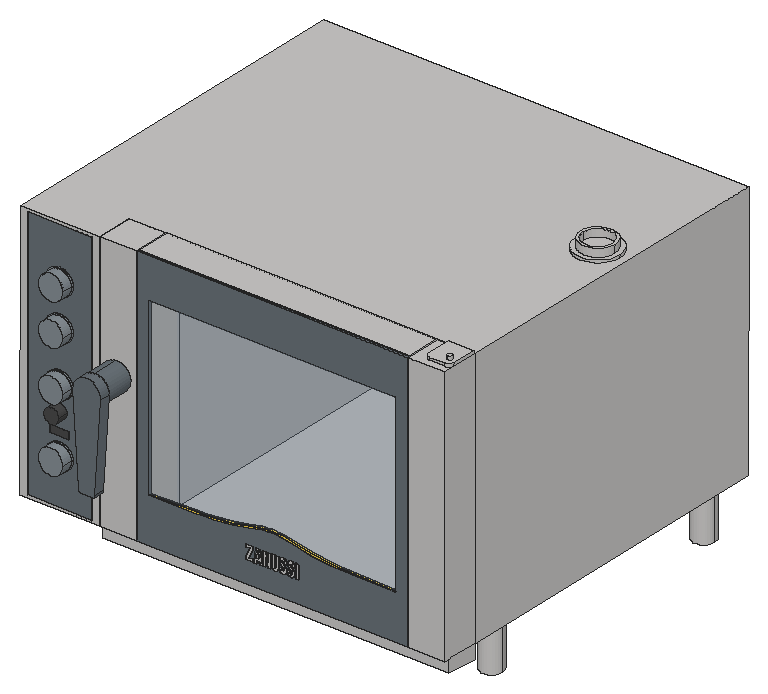
Revit family "QF_ZANUSSI_240452_ZFCE61CSCS", category Specialty Equipment, Revit 2023
Family settings
  Round Connector Dimension = Use Diameter
  Part Type = Normal
  Work Plane-Based = No
  Enable Cutting in Views = No
  Always vertical = Yes
  Cut with Voids When Loaded = No
  Maintain Annotation Orientation = No
  Shared = No
  Room Calculation Point = No
Parameters (values of type "Standard")
  Weight = 79.50 kg
  Watts = 0 W
  Volts = 230 V
  URL Manufacturer = "http://www.zanussiprofessional.com"
  URL = "http://www.zanussiprofessional.com"
  Steam Supply Size = 0 mm
  Steam Supply Minimum Pressure = 0.0 Pa
  Steam Supply Maximum Pressure = 0.0 Pa
  Steam Consumption per Hour = 0
  Show Logo [instance] = yes
  Show Clearance [instance] = yes
  Refrigeration Suction Line Size = 0 mm
  Refrigeration Liquid Line Size = 0 mm
  Refrigerant Compressor Remote = yes
  Default Elevation = 0 mm
  Manufacturer = "Zanussi"
  Phase = 3
  Model = "ZFCE61CSCS"
  Length Actual = 860 mm
  Item Number = "240452"
  Hot Water Size = 0 mm
  Height Actual = 633 mm
  HP = "10.3 HP"
  Gas Size = 12.7 mm
  Gas KW = 0
  Gas Input Pressure = 0.0585289 W
  Direct Waste Size = 25 mm
  Description = "CONVECTION OVEN CW 6 GN 1/1 - ELECTRIC - 230V"
  Depth Actual = 767 mm
  Cycle = 50 Hz
  Condensate Return Size = 0 mm
  Compressed Air Volume = 0.0 L/s
  Compressed Air Size = 0 mm
  Compressed Air Pressure = 0.0 Pa
  Cold Water Size = 19.05 mm
  Accessory = no
Reference planes
  plane 1 "Center X": y = 96.351
  plane 2: z = 0
  plane 3 "Center Y": x = -330
  plane 4 "LEFT": x = -760
  plane 5 "BACK": y = 479.851
  plane 6 "RIGHT": x = 100
  plane 7 "FRONT": y = -287.149
  plane 8: x = -710
  plane 9 "FeetBack": y = 429.851
  plane 10 "DoorDepth": y = -212.149
  plane 11: x = 80
  plane 12 "BASE": z = 108
  plane 13 "TOP": z = 633
  plane 14: z = 0
  plane 15 "1": y = 173.851
  plane 16 "FeetFront": y = -107.149
  plane 17: z = 653.369
  plane 18: y = -362.149
  plane 19 "Drain_X": x = -323
  plane 20 "Drain_Y": y = 61.851
  plane 21 "EI_x": x = -663
  plane 22 "EI_y": y = 13.851
  plane 23 "CWI_y": y = 304.851
  plane 24 "CWI_x": x = -689
  plane 25: y = -935.149
  plane 26: x = 40
Forms (mm)
  Extrusion 1, solid, material "QF_Finishes_Stainless Steel"
    sketch origin (0, 2, 108) x (-1, 0, 0) y (0, -1, 0)
      loop
        circle (689, -302.851) r 13.25
    from -5 to 0
  Extrusion 2, solid, material "QF_Finishes_Stainless Steel"
    sketch origin (0, 57.5, 108) x (-1, 0, 0) y (0, -1, 0)
      loop
        circle (663, 43.649) r 13.25
    from -5 to 0
  Extrusion 3, solid, material "QF_Finishes_Stainless Steel"
    sketch origin (89, -125, 108) x (-1, 0, 0) y (0, -1, 0)
      loop
        circle (412, -186.851) r 13.25
    from -5 to 0
  Extrusion 4, solid, material "QF_Finishes_Black"
    sketch origin (0, -287.149, 127) x (-1, 0, 0) y (0, 0, 1)
      loop
        circle (680.941, 161.023) r 15
    from 0 to -20
  Extrusion 5, solid, material "QF_Finishes_Stainless Steel"
    sketch origin (15, -153.5, 108) x (-1, 0, 0) y (0, -1, 0)
      loop
        circle (694, -119.351) r 13.25
    from -5 to 0
  Extrusion 6, solid, material "QF_Finishes_Zanussi_Soft Gray"
    sketch origin (0, -287.149, -6) x (-1, 0, 0) y (0, 0, 1)
      loop
        circle (680, 528.824) r 26.676
    from 0 to -3
  Blend 7, solid, material "QF_Finishes_Zanussi_Soft Gray"
    base sketch origin (0, -287.149, -6) x (-1, 0, 0) y (0, 0, 1)
      loop
        circle (680, 528.824) r 25
    top sketch origin (0, -287.149, -6) x (-1, 0, 0) y (0, 0, 1)
      loop
        circle (680, 528.824) r 24.8
    from -3 to -23
  Extrusion 8, solid, material "QF_Finishes_Zanussi_Soft Gray"
    sketch origin (0, -287.149, -5) x (-1, 0, 0) y (0, 0, 1)
      loop
        circle (680, 443.824) r 26.676
    from 0 to -3
  Blend 9, solid, material "QF_Finishes_Zanussi_Soft Gray"
    base sketch origin (0, -287.149, -5) x (-1, 0, 0) y (0, 0, 1)
      loop
        circle (680, 443.824) r 25
    top sketch origin (0, -287.149, -5) x (-1, 0, 0) y (0, 0, 1)
      loop
        circle (680, 443.824) r 24.8
    from -3 to -23
  Extrusion 10, solid, material "QF_Finishes_Zanussi_Soft Gray"
    sketch origin (0, -287.149, -22) x (-1, 0, 0) y (0, 0, 1)
      loop
        circle (680, 358.824) r 26.676
    from 0 to -3
  Blend 11, solid, material "QF_Finishes_Zanussi_Soft Gray"
    base sketch origin (0, -287.149, -22) x (-1, 0, 0) y (0, 0, 1)
      loop
        circle (680, 358.824) r 25
    top sketch origin (0, -287.149, -22) x (-1, 0, 0) y (0, 0, 1)
      loop
        circle (680, 358.824) r 24.8
    from -3 to -23
  Extrusion 12, solid, material "QF_Finishes_Stainless Steel"
    sketch origin (0, 0, 108) x (-1, 0, 0) y (0, -1, 0)
      loop
        line (760, -479.851) -> (760, 287.149) -> (600, 287.149) -> (600, 212.149) -> (-100, 212.149) -> (-100, -479.851) -> (760, -479.851)
    from 525 to 0
  Extrusion 13, solid, material "QF_Finishes_Zanussi_Dark Gray"
    sketch origin (0, -287.149, 0) x (-1, 0, 0) y (0, 0, 1)
      loop
        line (745, 628) -> (615, 628) -> (615, 113) -> (745, 113) -> (745, 628)
      loop
        line (660.941, 258.023) -> (660.941, 243.023) -> (700.941, 243.023) -> (700.941, 258.023) -> (660.941, 258.023)
    from 0 to 5
  Extrusion 14, void
    sketch origin (0, -287.149, 0) x (-1, 0, 0) y (0, 0, 1)
      loop
        line (745, 628) -> (615, 628) -> (615, 113) -> (745, 113) -> (745, 628)
    from 0 to 5
  Extrusion 15, void
    sketch origin (0, -287.149, 0) x (-1, 0, 0) y (0, 0, 1)
      loop
        line (-71.369, 123) -> (525, 123) -> (525, 613) -> (-71.369, 613) -> (-71.369, 123)
    from 737 to 75
  Extrusion 16, solid, material "QF_Finishes_Black"
    sketch origin (0, -287.149, 0) x (-1, 0, 0) y (0, 0, 1)
      loop
        line (700.941, 258.023) -> (660.941, 258.023) -> (660.941, 243.023) -> (700.941, 243.023) -> (700.941, 258.023)
    from 5 to 0
  Extrusion 17, solid, material "QF_Clearances", detail levels coarse
    sketch origin (0, 0, 0) x (1, 0, 0) y (0, 1, 0)
      loop
        line (-810, -287.149) -> (-760, -287.149) -> (-760, 479.851) -> (100, 479.851) -> (100, -287.149) -> (150, -287.149) -> (150, 529.851) -> (-810, 529.851) -> (-810, -287.149)
    from 633 to 0
  Extrusion 18, solid, material "QF_Finishes_Stainless Steel"
    sketch origin (0, 0, 633) x (-1, 0, 0) y (0, -1, 0)
      loop
        circle (-40, -173.851) r 45
    from 5 to 0
  Extrusion 19, solid, material "QF_Finishes_Stainless Steel"
    sketch origin (0, 0, 633) x (-1, 0, 0) y (0, -1, 0)
      loop
        circle (-40, -173.851) r 35
      loop
        circle (-40, -173.851) r 30
    from 5 to 20.369
  Extrusion 20, solid, material "QF_Finishes_Zanussi_Soft Gray"
    sketch origin (0, -287.149, -152) x (-1, 0, 0) y (0, 0, 1)
      loop
        circle (680, 358.824) r 26.676
    from 0 to -3
  Blend 21, solid, material "QF_Finishes_Zanussi_Soft Gray"
    base sketch origin (0, -287.149, -152) x (-1, 0, 0) y (0, 0, 1)
      loop
        circle (680, 358.824) r 25
    top sketch origin (0, -287.149, -152) x (-1, 0, 0) y (0, 0, 1)
      loop
        circle (680, 358.824) r 24.8
    from -3 to -23
Cuts and joins
  Extrusion 14, Extrusion 15 cuts Extrusion 12
Lines and regions (mm)
  symbolic lines
    curve 1: line (-760, -287.149, 1620) -> (-760, 479.851, 1620)
    curve 2: line (-760, 479.851, 1620) -> (100, 479.851, 1620)
    curve 3: line (-600, -212.149, 1620) -> (100, -212.149, 1620)
    curve 4: line (-600, -212.149, 1620) -> (-600, -287.149, 1620)
    curve 5: line (-760, -287.149, 1620) -> (-600, -287.149, 1620)
    curve 6: line (-706.676, -290.149, 1620) -> (-653.324, -290.149, 1620)
    curve 7: line (-706.676, -290.149, 1620) -> (-706.676, -287.149, 1620)
    curve 8: line (-653.324, -290.149, 1620) -> (-653.324, -287.149, 1620)
    curve 9: line (100, 479.851, 1620) -> (100, -287.149, 1620)
    curve 10: line (-704.8, -310.149, 684) -> (-655.2, -310.149, 684)
    curve 11: line (-704.8, -310.149, 684) -> (-705, -290.149, 684)
    curve 12: line (-655.2, -310.149, 684) -> (-655, -290.149, 684)
    curve 18: circle (40, 173.851, 633) r 45 normal (0, 0, 1)
    curve 19: circle (40, 173.851, 633) r 35 normal (0, 0, 1)
    curve 20: circle (40, 173.851, 633) r 30 normal (0, 0, -1)
  symbolic lines, style "QF_Clearances", detail levels coarse
    curve 13: line (-810, -287.149, 0) -> (-810, 529.851, 0)
    curve 14: line (-810, 529.851, 0) -> (150, 529.851, 0)
    curve 15: line (150, 529.851, 0) -> (150, -287.149, 0)
    curve 16: line (150, -287.149, 0) -> (100, -287.149, 0)
    curve 17: line (-810, -287.149, 0) -> (-753.438, -287.149, 0)
Dimensions and locks
  equal spacing: plane 4 "LEFT", plane 3 "Center Y", plane 6 "RIGHT"
  "Length Actual": plane 4 "LEFT" to plane 6 "RIGHT"
  "Depth Actual": plane 5 "BACK" to plane 7 "FRONT"
  equal spacing: plane 5 "BACK", plane 1 "Center X", plane 7 "FRONT"
  plane 12 "BASE" to plane 14 = 108 mm
  plane 13 "TOP" to plane 12 "BASE" = 525 mm
  plane 13 "TOP" to plane 14 = 633 mm
  plane 5 "BACK" to plane 9 "FeetBack" = 50 mm
  plane 9 "FeetBack" to plane 16 "FeetFront" = 537 mm
  locked: plane 16 "FeetFront" to plane 7 "FRONT" at 180
  plane 17 to plane 13 "TOP" to plane 12 "BASE" to level = 20.369 mm, 525 mm, 108 mm
  plane 17 to level = 653.369 mm  (x2)
  plane 7 "FRONT" to plane 18 = 75 mm
  plane 5 "BACK" to plane 20 "Drain_Y" = 418 mm
  plane 4 "LEFT" to plane 19 "Drain_X" = 437 mm
  plane 4 "LEFT" to plane 21 "EI_x" = 97 mm
  plane 5 "BACK" to plane 22 "EI_y" = 466 mm
  plane 5 "BACK" to plane 23 "CWI_y" = 175 mm
  plane 4 "LEFT" to plane 24 "CWI_x" = 71 mm
  plane 5 "BACK" to plane 15 "1" = 306 mm
  plane 5 "BACK" to plane 25 = 1415 mm
  locked: plane 10 "DoorDepth" to plane 7 "FRONT" at 75
  plane 26 to plane 6 "RIGHT" = 60 mm
  aligned and locked: level to plane 2
  aligned and locked: plane 12 "BASE" to nested 1
  aligned and locked: plane 12 "BASE" to nested 2
  aligned and locked: plane 12 "BASE" to nested 4
  aligned and locked: plane 12 "BASE" to nested 3
  aligned and locked: plane 23 "CWI_y" to Extrusion 1
Automatic sketch dimensions
  curve 17 to plane 7 "FRONT" = 0 mm
  curve 16 to plane 6 "RIGHT" = 0 mm
  curve 16 to plane 7 "FRONT" = 0 mm
  curve 13 to plane 4 "LEFT" = 50 mm
  plane 6 "RIGHT" to curve 16 = 50 mm
  plane 5 "BACK" to curve 14 = 50 mm
  plane 4 "LEFT" to curve 17 = 6.562 mm
  curve 9 to plane 5 "BACK" = 0 mm
  curve 9 to plane 6 "RIGHT" = 0 mm
  curve 3 to plane 10 "DoorDepth" = 0 mm
  curve 5 to plane 7 "FRONT" = 0 mm
  curve 5 to plane 4 "LEFT" = 0 mm
  curve 9 to plane 7 "FRONT" = 0 mm
  plane 21 "EI_x" to curve 3 = 63 mm
  curve 6 to plane 7 "FRONT" = 3 mm
  plane 21 "EI_x" to curve 6 = 9.676 mm
  plane 8 to curve 7 = 3.324 mm
  Extrusion 1 sketch curve to plane 23 "CWI_y" = 0 mm
  Extrusion 1 sketch curve to plane 24 "CWI_x" = 0 mm
  Extrusion 2 sketch curve to plane 21 "EI_x" = 0 mm
  Extrusion 2 sketch curve to plane 22 "EI_y" = 0 mm
  Extrusion 3 sketch curve to plane 19 "Drain_X" = 0 mm
  Extrusion 3 sketch curve to plane 20 "Drain_Y" = 0 mm
  plane 24 "CWI_x" to Extrusion 4 sketch curve = 8.059 mm
  plane 12 "BASE" to Extrusion 4 sketch curve = 180.023 mm
  plane 24 "CWI_x" to Extrusion 5 sketch curve = 10 mm
  Extrusion 5 sketch curve to plane 22 "EI_y" = 48 mm
  plane 21 "EI_x" to curve 10 = 7.8 mm
  plane 8 to curve 11 = 5.2 mm
  curve 11 to plane 7 "FRONT" = 23 mm
  curve 12 to plane 7 "FRONT" = 3 mm
  plane 21 "EI_x" to curve 12 = 8 mm
  plane 8 to curve 11 = 5 mm
  curve 11 to plane 7 "FRONT" = 3 mm
  plane 24 "CWI_x" to Extrusion 6 sketch curve = 9 mm
  Extrusion 6 sketch curve to plane 13 "TOP" = 110.176 mm
  plane 24 "CWI_x" to Blend 7 sketch curve = 9 mm  (x2)
  Blend 7 sketch curve to plane 13 "TOP" = 110.176 mm  (x2)
  plane 24 "CWI_x" to Extrusion 8 sketch curve = 9 mm
  Extrusion 8 sketch curve to plane 13 "TOP" = 194.176 mm
  plane 24 "CWI_x" to Blend 9 sketch curve = 9 mm  (x2)
  Blend 9 sketch curve to plane 13 "TOP" = 194.176 mm  (x2)
  plane 24 "CWI_x" to Extrusion 10 sketch curve = 9 mm
  plane 12 "BASE" to Extrusion 10 sketch curve = 228.824 mm
  plane 24 "CWI_x" to Blend 11 sketch curve = 9 mm  (x2)
  plane 12 "BASE" to Blend 11 sketch curve = 228.824 mm  (x2)
  Extrusion 12 sketch curve to plane 5 "BACK" = 0 mm
  Extrusion 12 sketch curve to plane 6 "RIGHT" = 0 mm
  Extrusion 12 sketch curve to plane 10 "DoorDepth" = 0 mm
  Extrusion 12 sketch curve to plane 7 "FRONT" = 0 mm
  Extrusion 12 sketch curve to plane 4 "LEFT" = 0 mm
  plane 21 "EI_x" to Extrusion 12 sketch curve = 63 mm
  Extrusion 13 sketch curve to plane 13 "TOP" = 5 mm
  plane 21 "EI_x" to Extrusion 13 sketch curve = 48 mm
  plane 21 "EI_x" to Extrusion 13 sketch curve = 2.059 mm
  plane 8 to Extrusion 13 sketch curve = 9.059 mm
  plane 4 "LEFT" to Extrusion 13 sketch curve = 15 mm
  plane 12 "BASE" to Extrusion 13 sketch curve = 150.023 mm
  Extrusion 13 sketch curve to Extrusion 13 sketch curve = 15 mm
  plane 12 "BASE" to Extrusion 13 sketch curve = 5 mm
  Extrusion 14 sketch curve to plane 13 "TOP" = 5 mm
  plane 21 "EI_x" to Extrusion 14 sketch curve = 48 mm
  plane 12 "BASE" to Extrusion 14 sketch curve = 5 mm
  plane 4 "LEFT" to Extrusion 14 sketch curve = 15 mm
  Extrusion 15 sketch curve to plane 11 = 8.631 mm
  Extrusion 15 sketch curve to plane 13 "TOP" = 20 mm
  plane 21 "EI_x" to Extrusion 15 sketch curve = 138 mm
  plane 12 "BASE" to Extrusion 15 sketch curve = 15 mm
  plane 21 "EI_x" to Extrusion 16 sketch curve = 2.059 mm
  plane 8 to Extrusion 16 sketch curve = 9.059 mm
  plane 12 "BASE" to Extrusion 16 sketch curve = 135.023 mm
  Extrusion 16 sketch curve to Extrusion 16 sketch curve = 15 mm
  Extrusion 17 sketch curve to plane 7 "FRONT" = 0 mm  (x2)
  Extrusion 17 sketch curve to plane 4 "LEFT" = 0 mm
  Extrusion 17 sketch curve to plane 5 "BACK" = 0 mm
  Extrusion 17 sketch curve to plane 6 "RIGHT" = 0 mm
  Extrusion 17 sketch curve to Extrusion 17 sketch curve = 50 mm
  plane 6 "RIGHT" to Extrusion 17 sketch curve = 50 mm
  plane 5 "BACK" to Extrusion 17 sketch curve = 50 mm
  Extrusion 18 sketch curve to plane 15 "1" = 0 mm
  Extrusion 18 sketch curve to plane 26 = 0 mm
  Extrusion 19 sketch curve to Extrusion 19 sketch curve = 0 mm  (x2)
  Extrusion 19 sketch curve to plane 15 "1" = 0 mm
  Extrusion 19 sketch curve to plane 26 = 0 mm
  plane 24 "CWI_x" to Extrusion 20 sketch curve = 9 mm
  plane 12 "BASE" to Extrusion 20 sketch curve = 98.824 mm
  plane 24 "CWI_x" to Blend 21 sketch curve = 9 mm  (x2)
  plane 12 "BASE" to Blend 21 sketch curve = 98.824 mm  (x2)
  radius of Extrusion 1 sketch curve = 13.25 mm
  radius of Extrusion 2 sketch curve = 13.25 mm
  radius of Extrusion 3 sketch curve = 13.25 mm
  radius of Extrusion 4 sketch curve = 15 mm
  radius of Extrusion 5 sketch curve = 13.25 mm
  radius of Extrusion 6 sketch curve = 26.676 mm
  radius of Blend 7 sketch curve = 25 mm
  radius of Blend 7 sketch curve = 24.8 mm
  radius of Extrusion 8 sketch curve = 26.676 mm
  radius of Blend 9 sketch curve = 25 mm
  radius of Blend 9 sketch curve = 24.8 mm
  radius of Extrusion 10 sketch curve = 26.676 mm
  radius of Blend 11 sketch curve = 25 mm
  radius of Blend 11 sketch curve = 24.8 mm
  radius of Extrusion 18 sketch curve = 45 mm
  radius of Extrusion 19 sketch curve = 35 mm
  radius of Extrusion 19 sketch curve = 30 mm
  radius of Extrusion 20 sketch curve = 26.676 mm
  radius of Blend 21 sketch curve = 25 mm
  radius of Blend 21 sketch curve = 24.8 mm
Nested families
  nested 1: "Foot" at (-710, -107.149, 0), type "Foot"
    with Ø 22 mm, H 108 mm
  nested 2: "Foot" at (50, -107.149, 0), type "Foot"
    with Ø 22 mm, H 108 mm
  nested 3: "Foot" at (50, 429.851, 0), type "Foot"
    with Ø 22 mm, H 108 mm
  nested 4: "Foot" at (-710, 429.851, 0), type "Foot"
    with Ø 22 mm, H 108 mm
  nested 5: "ZAN_DOOR_CROSSWISE_H525" at (100, -215.149, 0), type "ZAN_DOOR_CROSSWISE_H525"
    with Show Clearance yes
Connectors
  piping at (-323, 61.851, 103), diameter 25, driven by "Direct Waste Size"
    settings: on Extrusion 3, index 6, connector inside diameter 609.6 mm, connector length 0 mm, flow factor 0, pipe flow 0.0 L/s, pressure drop 0.0 Pa, fitting loss kfactor 0, connector angle 0.00°, fixture units 0, engagement length 0 mm, angle of deflection 0.00°, flow configuration 0, flow direction 2, fitting loss method 0, system type 16, joint type 0, gender type 0, connector reference index -1, connector utility 0, adjustable connector no, is connector primary yes, connector description "Drain"
  electrical at (-663, 13.851, 103)
    settings: on Extrusion 2, index 7, voltage 0 V, apparent load 0 VA, apparent load phase1 0 VA, apparent load phase2 0 VA, apparent load phase3 0 VA, power factor 1, load classification "Altro", number of poles 1, system type 30, power factor state 1, is connector primary yes, connector utility no, sub classification motor no, connector description "Electrical Connection"
  piping at (-689, 304.851, 103), diameter 19.05, driven by "Cold Water Size"
    settings: on Extrusion 1, index 8, connector inside diameter 609.6 mm, connector length 0 mm, flow factor 0, pipe flow 0.0 L/s, pressure drop 0.0 Pa, fitting loss kfactor 0, connector angle 0.00°, fixture units 0, engagement length 0 mm, angle of deflection 0.00°, flow configuration 0, flow direction 2, fitting loss method 0, system type 20, joint type 0, gender type 0, connector reference index -1, connector utility 0, adjustable connector no, is connector primary no, connector description "Cold Water Inlet"
Definition of nested family "Foot"
  Parameters
    Ø [instance] = 20 mm
    Default Elevation = 0 mm
    H [instance] = 50 mm
  Reference planes
    plane 1 "Centro (Fronte/Retro)": y = 0
    plane 2: z = 0
    plane 3 "Centro (Sinistra/Destra)": x = 0
    plane 4: z = 50
  Forms (mm)
    Revolve 1, solid
      sketch origin (255.05, 0, 608.09) x (0, 0, 1) y (-1, 0, 0)
        loop
          line (-608.09, 255.05) -> (-608.09, 235.05) -> (-558.09, 235.05) -> (-558.09, 255.05) -> (-608.09, 255.05)
        axis (-608.09, 255.05) -> (-558.09, 255.05)
      angle from 0 to 360
  Dimensions and locks
    "H": plane 4 to plane 2
    "Ø": Revolve 1 sketch curve to Revolve 1 sketch curve
    aligned and locked: level to plane 2
    aligned and locked: plane 4 to Revolve 1 sketch curve
    aligned and locked: Revolve 1 sketch curve to level
    aligned and locked: plane 3 "Centro (Sinistra/Destra)" to Revolve 1 sketch curve
  Automatic sketch dimensions
    Revolve 1 sketch curve to plane 3 "Centro (Sinistra/Destra)" = 0 mm
    Revolve 1 sketch curve to Revolve 1 sketch curve = 50 mm
    Revolve 1 sketch curve to Revolve 1 sketch curve = 20 mm
Definition of nested family "ZAN_DOOR_CROSSWISE_H525"
  Parameters (values of type "ZAN_DOOR_CROSSWISE_H525")
    sp_Lama = 5 mm
    Z_Maniglia = 285 mm
    W_Door = 700 mm
    Show Clearance [instance] = yes
    Default Elevation = 0 mm
    H_Feet = 108 mm
    H_FasciaTop = 75 mm
    H_Door = 525 mm
    W_fasce = 75 mm
    Direct Waste Size = 25 mm
  Reference planes
    plane 1 "Center (Front/Back)": y = 3
    plane 2: z = 0
    plane 3 "Center (Left/Right)": x = 0
    plane 4 "Top": z = 633
    plane 5 "Feet": z = 108
    plane 6 "Front": y = -72
    plane 7: z = 628
    plane 8: z = 553
    plane 9: x = -600
    plane 10: x = -75
    plane 11: x = -700
    plane 12: x = -625
    plane 13: x = -100
    plane 14: x = -624
    plane 15: x = -76
    plane 16: z = 132
    plane 17: z = 393
    plane 18: x = -665
  Forms (mm)
    Extrusion 1, solid
      sketch origin (0, -72, 0) x (0, 0, -1) y (-1, 0, 0)
        loop
          line (-633, 700) -> (-633, 625) -> (-108, 625) -> (-108, 700) -> (-633, 700)
        loop
          line (-633, 0) -> (-108, 0) -> (-108, 75) -> (-633, 75) -> (-633, 0)
      from 0 to 75
    Extrusion 2, solid
      sketch origin (0, -72, 0) x (0, 0, -1) y (-1, 0, 0)
        loop
          line (-199.529, 600) -> (-553, 600) -> (-553, 100) -> (-199.529, 100) -> (-199.529, 176.502) -> (-199.716, 190.941) -> (-200.068, 211.042)
          arc (-200.068, 211.042) -> (-200.373, 221.113) -> (-200.944, 231.172) r 381.251
          arc (-200.944, 231.172) -> (-202.69, 251.25) -> (-205.394, 271.221) r 421.149
          arc (-205.394, 271.221) -> (-208.274, 287.092) -> (-211.548, 302.885) r 647.683
          arc (-211.548, 302.885) -> (-214.401, 316.603) -> (-216.93, 330.384) r 593.178
          arc (-216.93, 330.384) -> (-217.581, 335.587) -> (-218.06, 340.808) r 159.42
          arc (-218.06, 340.808) -> (-218.307, 345.507) -> (-218.401, 350.211) r 143.741
          arc (-218.401, 350.211) -> (-218.306, 354.916) -> (-218.057, 359.615) r 143.741
          arc (-218.057, 359.615) -> (-217.576, 364.836) -> (-216.923, 370.039) r 159.42
          arc (-216.923, 370.039) -> (-214.399, 383.796) -> (-211.55, 397.489) r 593.18
          arc (-211.55, 397.489) -> (-208.278, 413.271) -> (-205.4, 429.129) r 647.681
          arc (-205.4, 429.129) -> (-202.709, 448.969) -> (-200.965, 468.913) r 421.147
          arc (-200.965, 468.913) -> (-200.379, 479.117) -> (-200.068, 489.332) r 381.251
          line (-200.068, 489.332) -> (-199.716, 509.433) -> (-199.529, 523.872) -> (-199.529, 600)
        loop
          line (-108, 76) -> (-108, 624) -> (-633, 624) -> (-633, 76) -> (-108, 76)
      from 0 to 5
    Extrusion 3, void
      sketch origin (-100, -72, 0) x (-1, 0, 0) y (0, 0, 1)
        loop
          line (288.603, 151.973) -> (303.509, 151.973) -> (303.509, 157.706) -> (295.318, 174.905) -> (302.853, 174.741) -> (302.853, 179.982) -> (288.603, 179.982) -> (288.603, 175.232) -> (297.201, 157.706) -> (288.603, 157.706) -> (288.603, 151.973)
        loop
          line (280.375, 162.456) -> (278.737, 175.195) -> (277.1, 162.456) -> (280.375, 162.456)
        loop
          line (281.849, 151.973) -> (287.746, 151.973) -> (282.669, 179.982) -> (274.806, 179.982) -> (269.565, 151.973) -> (275.461, 151.973) -> (276.281, 157.378) -> (281.031, 157.378) -> (281.849, 151.973)
        loop
          line (268.839, 179.982) -> (262.778, 179.982) -> (258.028, 162.128) -> (258.028, 179.982) -> (252.786, 179.982) -> (252.786, 151.973) -> (259.011, 151.973) -> (263.761, 170.482) -> (263.761, 151.973) -> (268.839, 151.973) -> (268.839, 179.982)
        loop
          line (251.476, 158.9) -> (251.476, 179.982) -> (245.743, 179.982) -> (245.743, 158.689)
          arc (245.743, 158.689) -> (243.81, 157.443) -> (242.303, 159.18) r 1.755
          line (242.303, 159.18) -> (242.303, 179.982) -> (236.57, 179.982) -> (236.57, 157.87)
          arc (236.57, 157.87) -> (244.469, 151.928) -> (251.476, 158.9) r 7.548
        loop
          line (225.923, 171.137) -> (225.923, 174.183)
          arc (225.923, 174.183) -> (228.232, 175.801) -> (229.849, 173.492) r 1.993
          arc (229.849, 173.492) -> (229.394, 172.205) -> (228.544, 171.137) r 4.132
          line (228.544, 171.137) -> (222.261, 165.482)
          arc (222.261, 165.482) -> (220.244, 161.234) -> (220.358, 156.532) r 10.152
          arc (220.358, 156.532) -> (226.648, 151.979) -> (234.116, 154.106) r 8.889
          arc (234.116, 154.106) -> (235.696, 157.791) -> (235.751, 161.801) r 10.311
          line (235.751, 161.801) -> (230.033, 161.801)
          arc (230.033, 161.801) -> (230.009, 161.099) -> (230.033, 160.396) r 10.165
          arc (230.033, 160.396) -> (230.059, 159.653) -> (230.033, 158.91) r 10.759
          arc (230.033, 158.91) -> (229.7, 157.855) -> (228.922, 157.068) r 2.359
          arc (228.922, 157.068) -> (226.339, 157.656) -> (226.065, 160.291) r 2.275
          arc (226.065, 160.291) -> (227.174, 161.799) -> (228.6, 163.01) r 8.056
          line (228.6, 163.01) -> (231.016, 165.151)
          arc (231.016, 165.151) -> (233.167, 167.4) -> (234.919, 169.972) r 18.895
          arc (234.919, 169.972) -> (235.183, 174.623) -> (233.05, 178.765) r 8.857
          arc (233.05, 178.765) -> (227.818, 180.471) -> (222.586, 178.765) r 8.876
          arc (222.586, 178.765) -> (220.806, 176.522) -> (220.429, 173.684) r 5.378
          line (220.429, 173.684) -> (220.518, 171.137) -> (225.923, 171.137)
        loop
          line (209.587, 171.137) -> (209.587, 174.183)
          arc (209.587, 174.183) -> (211.896, 175.801) -> (213.513, 173.492) r 1.993
          arc (213.513, 173.492) -> (213.058, 172.205) -> (212.208, 171.137) r 4.132
          line (212.208, 171.137) -> (205.924, 165.482)
          arc (205.924, 165.482) -> (203.908, 161.234) -> (204.022, 156.532) r 10.152
          arc (204.022, 156.532) -> (210.312, 151.979) -> (217.779, 154.106) r 8.889
          arc (217.779, 154.106) -> (219.36, 157.791) -> (219.415, 161.801) r 10.311
          line (219.415, 161.801) -> (213.696, 161.801)
          arc (213.696, 161.801) -> (213.672, 161.099) -> (213.696, 160.396) r 10.165
          arc (213.696, 160.396) -> (213.722, 159.653) -> (213.696, 158.91) r 10.759
          arc (213.696, 158.91) -> (213.363, 157.855) -> (212.586, 157.068) r 2.359
          arc (212.586, 157.068) -> (210.003, 157.656) -> (209.729, 160.291) r 2.275
          arc (209.729, 160.291) -> (210.837, 161.799) -> (212.264, 163.01) r 8.056
          line (212.264, 163.01) -> (214.679, 165.151)
          arc (214.679, 165.151) -> (216.83, 167.4) -> (218.583, 169.972) r 18.895
          arc (218.583, 169.972) -> (218.847, 174.623) -> (216.714, 178.765) r 8.857
          arc (216.714, 178.765) -> (211.482, 180.471) -> (206.25, 178.765) r 8.876
          arc (206.25, 178.765) -> (204.469, 176.522) -> (204.093, 173.684) r 5.378
          line (204.093, 173.684) -> (204.182, 171.137) -> (209.587, 171.137)
        loop
          line (202.992, 179.982) -> (197.259, 179.982) -> (197.259, 151.973) -> (202.992, 151.973) -> (202.992, 179.982)
      from 0 to 2
    Extrusion 4, solid
      sketch origin (0, -72, 0) x (0, 0, -1) y (-1, 0, 0)
        loop
          line (-202.139, 509.481) -> (-202.564, 489.393)
          arc (-202.564, 489.393) -> (-202.899, 479.36) -> (-203.486, 469.339) r 398.755
          arc (-203.486, 469.339) -> (-205.267, 449.395) -> (-208.001, 429.558) r 418.492
          arc (-208.001, 429.558) -> (-210.747, 414.666) -> (-213.78, 399.829) r 786.502
          arc (-213.78, 399.829) -> (-217.005, 385.332) -> (-219.595, 370.709) r 340.705
          arc (-219.595, 370.709) -> (-220.306, 365.406) -> (-220.802, 360.079) r 132.002
          arc (-220.802, 360.079) -> (-221.067, 355.145) -> (-221.148, 350.205) r 132.002
          arc (-221.148, 350.205) -> (-221.068, 345.264) -> (-220.804, 340.33) r 132.002
          arc (-220.804, 340.33) -> (-220.308, 334.985) -> (-219.595, 329.665) r 132.002
          arc (-219.595, 329.665) -> (-217.005, 315.042) -> (-213.78, 300.546) r 340.705
          arc (-213.78, 300.546) -> (-210.745, 285.697) -> (-207.996, 270.792) r 786.502
          arc (-207.996, 270.792) -> (-205.264, 250.951) -> (-203.484, 231.002) r 418.492
          arc (-203.484, 231.002) -> (-202.898, 220.998) -> (-202.564, 210.981) r 398.755
          line (-202.564, 210.981) -> (-202.139, 190.893) -> (-199.529, 100) -> (-199.529, 176.502) -> (-199.716, 190.941) -> (-200.068, 211.042)
          arc (-200.068, 211.042) -> (-200.373, 221.113) -> (-200.944, 231.172) r 381.251
          arc (-200.944, 231.172) -> (-202.69, 251.25) -> (-205.394, 271.221) r 421.149
          arc (-205.394, 271.221) -> (-208.274, 287.092) -> (-211.548, 302.885) r 647.683
          arc (-211.548, 302.885) -> (-214.401, 316.599) -> (-216.929, 330.377) r 593.178
          arc (-216.929, 330.377) -> (-217.58, 335.58) -> (-218.059, 340.801) r 159.419
          arc (-218.059, 340.801) -> (-218.307, 345.5) -> (-218.401, 350.205) r 143.741
          arc (-218.401, 350.205) -> (-218.306, 354.909) -> (-218.057, 359.608) r 143.741
          arc (-218.057, 359.608) -> (-217.578, 364.812) -> (-216.929, 369.997) r 159.42
          arc (-216.929, 369.997) -> (-214.401, 383.775) -> (-211.549, 397.489) r 593.179
          arc (-211.549, 397.489) -> (-208.277, 413.271) -> (-205.398, 429.129) r 647.683
          arc (-205.398, 429.129) -> (-202.696, 449.074) -> (-200.95, 469.125) r 421.148
          arc (-200.95, 469.125) -> (-200.375, 479.223) -> (-200.068, 489.332) r 381.251
          line (-200.068, 489.332) -> (-199.716, 509.433) -> (-199.529, 523.872) -> (-199.529, 600.013) -> (-202.139, 509.481)
      from 0 to 5
    Extrusion 5, solid
      sketch origin (0, -72, 0) x (0, 0, -1) y (-1, 0, 0)
        loop
          line (-151.973, 388.603) -> (-151.973, 403.509) -> (-157.706, 403.509) -> (-174.905, 395.318) -> (-174.741, 402.853) -> (-179.982, 402.853) -> (-179.982, 388.603) -> (-175.232, 388.603) -> (-157.706, 397.201) -> (-157.706, 388.603) -> (-151.973, 388.603)
        loop
          line (-162.456, 380.375) -> (-175.195, 378.737) -> (-162.456, 377.1) -> (-162.456, 380.375)
        loop
          line (-151.973, 381.849) -> (-151.973, 387.746) -> (-179.982, 382.669) -> (-179.982, 374.806) -> (-151.973, 369.565) -> (-151.973, 375.461) -> (-157.378, 376.281) -> (-157.378, 381.031) -> (-151.973, 381.849)
        loop
          line (-179.982, 368.839) -> (-179.982, 362.778) -> (-162.128, 358.028) -> (-179.982, 358.028) -> (-179.982, 352.786) -> (-151.973, 352.786) -> (-151.973, 359.011) -> (-170.482, 363.761) -> (-151.973, 363.761) -> (-151.973, 368.839) -> (-179.982, 368.839)
        loop
          line (-158.9, 351.476) -> (-179.982, 351.476) -> (-179.982, 345.743) -> (-158.689, 345.743)
          arc (-158.689, 345.743) -> (-157.443, 343.81) -> (-159.18, 342.303) r 1.755
          line (-159.18, 342.303) -> (-179.982, 342.303) -> (-179.982, 336.57) -> (-157.87, 336.57)
          arc (-157.87, 336.57) -> (-151.928, 344.469) -> (-158.9, 351.476) r 7.548
        loop
          line (-171.137, 325.923) -> (-174.183, 325.923)
          arc (-174.183, 325.923) -> (-175.801, 328.232) -> (-173.492, 329.849) r 1.993
          arc (-173.492, 329.849) -> (-172.205, 329.394) -> (-171.137, 328.544) r 4.132
          line (-171.137, 328.544) -> (-165.482, 322.261)
          arc (-165.482, 322.261) -> (-161.234, 320.244) -> (-156.532, 320.358) r 10.152
          arc (-156.532, 320.358) -> (-151.979, 326.648) -> (-154.106, 334.116) r 8.889
          arc (-154.106, 334.116) -> (-157.791, 335.696) -> (-161.801, 335.751) r 10.311
          line (-161.801, 335.751) -> (-161.801, 330.033)
          arc (-161.801, 330.033) -> (-161.099, 330.009) -> (-160.396, 330.033) r 10.165
          arc (-160.396, 330.033) -> (-159.653, 330.059) -> (-158.91, 330.033) r 10.759
          arc (-158.91, 330.033) -> (-157.855, 329.7) -> (-157.068, 328.922) r 2.359
          arc (-157.068, 328.922) -> (-157.656, 326.339) -> (-160.291, 326.065) r 2.275
          arc (-160.291, 326.065) -> (-161.799, 327.174) -> (-163.01, 328.6) r 8.056
          line (-163.01, 328.6) -> (-165.151, 331.016)
          arc (-165.151, 331.016) -> (-167.4, 333.167) -> (-169.972, 334.919) r 18.895
          arc (-169.972, 334.919) -> (-174.623, 335.183) -> (-178.765, 333.05) r 8.857
          arc (-178.765, 333.05) -> (-180.471, 327.818) -> (-178.765, 322.586) r 8.876
          arc (-178.765, 322.586) -> (-176.522, 320.806) -> (-173.684, 320.429) r 5.378
          line (-173.684, 320.429) -> (-171.137, 320.518) -> (-171.137, 325.923)
        loop
          line (-171.137, 309.587) -> (-174.183, 309.587)
          arc (-174.183, 309.587) -> (-175.801, 311.896) -> (-173.492, 313.513) r 1.993
          arc (-173.492, 313.513) -> (-172.205, 313.058) -> (-171.137, 312.208) r 4.132
          line (-171.137, 312.208) -> (-165.482, 305.924)
          arc (-165.482, 305.924) -> (-161.234, 303.908) -> (-156.532, 304.022) r 10.152
          arc (-156.532, 304.022) -> (-151.979, 310.312) -> (-154.106, 317.779) r 8.889
          arc (-154.106, 317.779) -> (-157.791, 319.36) -> (-161.801, 319.415) r 10.311
          line (-161.801, 319.415) -> (-161.801, 313.696)
          arc (-161.801, 313.696) -> (-161.099, 313.672) -> (-160.396, 313.696) r 10.165
          arc (-160.396, 313.696) -> (-159.653, 313.722) -> (-158.91, 313.696) r 10.759
          arc (-158.91, 313.696) -> (-157.855, 313.363) -> (-157.068, 312.586) r 2.359
          arc (-157.068, 312.586) -> (-157.656, 310.003) -> (-160.291, 309.729) r 2.275
          arc (-160.291, 309.729) -> (-161.799, 310.837) -> (-163.01, 312.264) r 8.056
          line (-163.01, 312.264) -> (-165.151, 314.679)
          arc (-165.151, 314.679) -> (-167.4, 316.83) -> (-169.972, 318.583) r 18.895
          arc (-169.972, 318.583) -> (-174.623, 318.847) -> (-178.765, 316.714) r 8.857
          arc (-178.765, 316.714) -> (-180.471, 311.482) -> (-178.765, 306.25) r 8.876
          arc (-178.765, 306.25) -> (-176.522, 304.469) -> (-173.684, 304.093) r 5.378
          line (-173.684, 304.093) -> (-171.137, 304.182) -> (-171.137, 309.587)
        loop
          line (-179.982, 302.992) -> (-179.982, 297.259) -> (-151.973, 297.259) -> (-151.973, 302.992) -> (-179.982, 302.992)
      from 0 to 2
    Extrusion 6, solid
      sketch origin (0, -72, 0) x (0, 0, -1) y (-1, 0, 0)
        loop
          line (-628, 624) -> (-628, 600) -> (-132, 600) -> (-132, 100) -> (-628, 100) -> (-628, 76) -> (-108, 76) -> (-108, 624) -> (-628, 624)
      from 5 to 75
    Extrusion 7, solid
      sketch origin (0, -72, 0) x (0, 0, -1) y (-1, 0, 0)
        loop
          line (-553, 600) -> (-553, 100) -> (-199.519, 100) -> (-202.139, 190.893) -> (-202.564, 210.981)
          arc (-202.564, 210.981) -> (-202.898, 220.998) -> (-203.484, 231.002) r 398.755
          arc (-203.484, 231.002) -> (-205.264, 250.951) -> (-207.996, 270.792) r 418.492
          arc (-207.996, 270.792) -> (-210.742, 285.684) -> (-213.774, 300.521) r 786.502
          arc (-213.774, 300.521) -> (-217.003, 315.03) -> (-219.596, 329.665) r 340.706
          arc (-219.596, 329.665) -> (-220.309, 334.985) -> (-220.805, 340.33) r 132.003
          arc (-220.805, 340.33) -> (-221.069, 345.264) -> (-221.148, 350.205) r 132.003
          arc (-221.148, 350.205) -> (-221.068, 355.145) -> (-220.802, 360.079) r 132.003
          arc (-220.802, 360.079) -> (-220.307, 365.406) -> (-219.596, 370.709) r 132.003
          arc (-219.596, 370.709) -> (-217.005, 385.336) -> (-213.779, 399.836) r 340.706
          arc (-213.779, 399.836) -> (-210.746, 414.673) -> (-208, 429.565) r 786.502
          arc (-208, 429.565) -> (-205.272, 449.36) -> (-203.491, 469.263) r 418.492
          arc (-203.491, 469.263) -> (-202.901, 479.322) -> (-202.564, 489.393) r 398.755
          line (-202.564, 489.393) -> (-202.139, 509.481) -> (-199.529, 600) -> (-553, 600)
      from 0 to 5
    Extrusion 8, solid
      sketch origin (0, -72, 0) x (0, 0, -1) y (-1, 0, 0)
        loop
          line (-628, 600) -> (-628, 100) -> (-132, 100) -> (-132, 600) -> (-628, 600)
      from 75 to 70
    Extrusion 9, solid
      sketch origin (0, -72, 0) x (0, 0, -1) y (-1, 0, 0)
        loop
          line (-628, 624) -> (-633, 624) -> (-633, 76) -> (-628, 76) -> (-628, 624)
      from 5 to 75
    Extrusion 10, solid
      sketch origin (-100, -72, -17) x (-1, 0, 0) y (0, 0, 1)
        loop
          arc (548.194, 231.003) -> (549.77, 227.69) -> (553.183, 226.345) r 5
          line (553.183, 226.345) -> (576.817, 226.345)
          arc (576.817, 226.345) -> (580.24, 227.7) -> (581.808, 231.032) r 5
          line (581.808, 231.032) -> (592.999, 410.21)
          arc (592.999, 410.21) -> (564.012, 437.983) -> (537.056, 408.235) r 28
          line (537.056, 408.235) -> (548.194, 231.003)
      from -55 to -75
    Extrusion 11, solid
      sketch origin (0, -72, 0) x (0, 0, -1) y (-1, 0, 0)
        loop
          circle (-393, 665) r 28
      from 0 to -55
    Extrusion 12, solid
      sketch origin (0, 0, 0) x (0, 1, 0) y (0, 0, 1)
        loop
          line (-62, 108) -> (-62, 83) -> (3, 78.455) -> (3, 108) -> (-62, 108)
      from -700 to 0
    Extrusion 13, solid
      sketch origin (0, 0, 633) x (0, -1, 0) y (1, 0, 0)
        loop
          circle (38.919, -17.1) r 5
      from 10 to 5
    Extrusion 14, solid
      sketch origin (0, 0, 633) x (0, -1, 0) y (1, 0, 0)
        loop
          line (-3, -52.67) -> (47, -52.67)
          arc (47, -52.67) -> (54.071, -49.741) -> (57, -42.67) r 10
          line (57, -42.67) -> (57, -12.67)
          arc (57, -12.67) -> (54.071, -5.598) -> (47, -2.67) r 10
          line (47, -2.67) -> (-3, -2.67) -> (-3, -52.67)
      from 5 to 0
    Extrusion 15, solid, detail levels coarse
      sketch origin (-100, 215.149, 0) x (1, 0, 0) y (0, 1, 0)
        loop
          arc (-600, -287.149) -> (-387.996, -760.219) -> (100, -935.149) r 661.477
          line (100, -935.149) -> (100, -287.149) -> (-600, -287.149)
      from 633 to 108
  Cuts and joins
    Extrusion 3 cuts Extrusion 2
  Lines and regions (mm)
    symbolic lines
      curve 1: line (-687.299, -127, 0) -> (-631.299, -127, 0)
      curve 2: line (-687.299, -147, 0) -> (-687.299, -72, 0)
      curve 3: line (-631.299, -147, 0) -> (-687.299, -147, 0)
      curve 4: line (-631.299, -72, 0) -> (-631.299, -147, 0)
      curve 5: line (-700, 3, 0) -> (0, 3, 0)
      curve 6: line (-700, -72, 0) -> (-700, 3, 0)
      curve 7: line (0, -72, 0) -> (-700, -72, 0)
      curve 8: line (0, 3, 0) -> (0, -72, 0)
      curve 9: line (-625, -72, 0) -> (-625, 3, 0)
      curve 10: line (-75, -72, 0) -> (-75, 3, 0)
      curve 11: arc (-52.67, -47, 0) -> (-49.741, -54.071, 0) -> (-42.67, -57, 0) r 10
      curve 12: line (-42.67, -57, 0) -> (-12.67, -57, 0)
      curve 13: arc (-12.67, -57, 0) -> (-5.598, -54.071, 0) -> (-2.67, -47, 0) r 10
      curve 14: line (-2.67, -47, 0) -> (-2.67, 3, 0)
      curve 15: line (-52.67, 3, 0) -> (-52.67, -47, 0)
      curve 16: circle (-17.1, -38.919, 0) r 5 normal (0, 0, 1)
      curve 17: arc (-700, -72, 0) -> (-487.996, -545.069, 0) -> (0, -720, 0) r 661.477
      curve 18: line (0, -720, 0) -> (0, -72, 0)
  Dimensions and locks
    plane 1 "Center (Front/Back)" to plane 6 "Front" = 75 mm
    "H_Feet": plane 5 "Feet" to level
    "H_Door": plane 4 "Top" to plane 5 "Feet"
    "sp_Lama": plane 4 "Top" to plane 7
    "H_FasciaTop": plane 7 to plane 8
    "W_fasce": plane 11 to plane 12
    "W_fasce": plane 3 "Center (Left/Right)" to plane 10
    locked: plane 14 to plane 12 at 1
    plane 15 to plane 10 = 1 mm
    locked: plane 9 to plane 14 at 24
    locked: plane 15 to plane 13 at 24
    locked: plane 16 to plane 5 "Feet" at 24
    "Z_Maniglia": plane 17 to plane 5 "Feet"
    locked: plane 11 to plane 18 at 35
    "W_Door": plane 11 to plane 3 "Center (Left/Right)"
    aligned and locked: level to plane 2
    aligned and locked: Extrusion 9 to plane 7
    aligned and locked: plane 7 to Extrusion 8
    aligned and locked: plane 7 to Extrusion 6  (x2)
    aligned and locked: Extrusion 1 to plane 4 "Top"  (x2)
    aligned and locked: Extrusion 15 to plane 4 "Top"
    aligned and locked: Extrusion 9 to plane 4 "Top"
    aligned and locked: cut or joined group of Extrusion 2, Extrusion 3 to plane 4 "Top"
    aligned and locked: cut or joined group of Extrusion 2, Extrusion 3 to plane 8
    aligned and locked: plane 8 to Extrusion 7
    aligned and locked: plane 5 "Feet" to Extrusion 6
    aligned and locked: plane 5 "Feet" to Extrusion 15
    aligned and locked: plane 5 "Feet" to Extrusion 1  (x2)
    aligned and locked: plane 5 "Feet" to cut or joined group of Extrusion 2, Extrusion 3
    aligned and locked: Extrusion 6 to plane 14
    aligned and locked: plane 9 to Extrusion 6
    aligned and locked: plane 15 to Extrusion 6
    aligned and locked: plane 13 to Extrusion 6
    aligned and locked: plane 11 to Extrusion 1
    aligned and locked: plane 3 "Center (Left/Right)" to Extrusion 1
    aligned and locked: plane 12 to Extrusion 1
    aligned and locked: plane 10 to Extrusion 1
    aligned and locked: plane 16 to Extrusion 6
    aligned and locked: Extrusion 8 to plane 16
    aligned and locked: plane 3 "Center (Left/Right)" to Extrusion 12
    aligned and locked: plane 9 to cut or joined group of Extrusion 2, Extrusion 3
    aligned and locked: plane 13 to cut or joined group of Extrusion 2, Extrusion 3
    aligned and locked: plane 11 to Extrusion 12
  Automatic sketch dimensions
    curve 7 to plane 6 "Front" = 0 mm
    plane 1 "Center (Front/Back)" to curve 6 = 0 mm
    curve 8 to plane 3 "Center (Left/Right)" = 0 mm
    curve 14 to plane 3 "Center (Left/Right)" = 2.67 mm
    curve 12 to plane 3 "Center (Left/Right)" = 12.67 mm
    curve 16 to curve 13 = 4.431 mm
    plane 6 "Front" to curve 17 = 12.348 mm
    curve 17 to curve 13 = 25.969 mm
    curve 12 to curve 17 = 4.031 mm
    curve 15 to curve 11 = 10 mm
    curve 4 to plane 6 "Front" = 75 mm
    curve 4 to curve 15 = 578.629 mm
    curve 2 to curve 3 = 56 mm
    curve 5 to curve 2 = 12.701 mm
    plane 6 "Front" to curve 12 = 15 mm
    curve 13 to curve 16 = 8.081 mm
    curve 10 to curve 15 = 22.33 mm
    curve 4 to curve 9 = 6.299 mm
    curve 3 to curve 1 = 20 mm
    Extrusion 3 sketch curve to plane 5 "Feet" = 71.982 mm  (x3)
    Extrusion 3 sketch curve to plane 3 "Center (Left/Right)" = 297.259 mm
    Extrusion 3 sketch curve to Extrusion 3 sketch curve = 4.888 mm
    Extrusion 3 sketch curve to Extrusion 3 sketch curve = 5.704 mm
    Extrusion 3 sketch curve to Extrusion 3 sketch curve = 0.845 mm
    Extrusion 3 sketch curve to plane 5 "Feet" = 65.684 mm  (x2)
    Extrusion 3 sketch curve to Extrusion 3 sketch curve = 1.947 mm  (x2)
    Extrusion 3 sketch curve to plane 5 "Feet" = 63.137 mm  (x4)
    Extrusion 3 sketch curve to Extrusion 3 sketch curve = 0.089 mm  (x2)
    Extrusion 3 sketch curve to plane 5 "Feet" = 57.482 mm  (x2)
    Extrusion 3 sketch curve to Extrusion 3 sketch curve = 1.743 mm
    Extrusion 3 sketch curve to Extrusion 3 sketch curve = 6.311 mm
    Extrusion 3 sketch curve to Extrusion 3 sketch curve = 5.327 mm  (x2)
    Extrusion 3 sketch curve to Extrusion 3 sketch curve = 0.024 mm  (x2)
    Extrusion 3 sketch curve to Extrusion 3 sketch curve = 0.143 mm  (x2)
    Extrusion 3 sketch curve to Extrusion 3 sketch curve = 0.597 mm  (x2)
    Extrusion 3 sketch curve to Extrusion 3 sketch curve = 2.07 mm  (x2)
    Extrusion 3 sketch curve to Extrusion 3 sketch curve = 1.298 mm  (x2)
    Extrusion 3 sketch curve to Extrusion 3 sketch curve = 1.366 mm  (x2)
    Extrusion 3 sketch curve to Extrusion 3 sketch curve = 0.362 mm  (x2)
    Extrusion 3 sketch curve to Extrusion 3 sketch curve = 0.15 mm  (x2)
    Extrusion 3 sketch curve to Extrusion 3 sketch curve = 0.726 mm  (x3)
    Extrusion 3 sketch curve to plane 5 "Feet" = 55.01 mm  (x2)
    Extrusion 3 sketch curve to Extrusion 3 sketch curve = 0.409 mm  (x2)
    Extrusion 3 sketch curve to Extrusion 3 sketch curve = 1.432 mm  (x2)
    Extrusion 3 sketch curve to Extrusion 3 sketch curve = 2.132 mm  (x2)
    Extrusion 3 sketch curve to plane 5 "Feet" = 57.151 mm  (x2)
    Extrusion 3 sketch curve to Extrusion 3 sketch curve = 2.415 mm  (x2)
    Extrusion 3 sketch curve to Extrusion 3 sketch curve = 2.892 mm  (x2)
    Extrusion 3 sketch curve to Extrusion 3 sketch curve = 6.932 mm
    Extrusion 3 sketch curve to Extrusion 3 sketch curve = 2.57 mm
    Extrusion 3 sketch curve to Extrusion 3 sketch curve = 0.116 mm
    Extrusion 3 sketch curve to Extrusion 3 sketch curve = 2.846 mm
    Extrusion 3 sketch curve to Extrusion 3 sketch curve = 4.422 mm  (x2)
    Extrusion 3 sketch curve to Extrusion 3 sketch curve = 1.773 mm
    Extrusion 3 sketch curve to Extrusion 3 sketch curve = 5.719 mm
    Extrusion 3 sketch curve to Extrusion 3 sketch curve = 3.505 mm
    Extrusion 3 sketch curve to Extrusion 3 sketch curve = 5.733 mm  (x3)
    Extrusion 3 sketch curve to Extrusion 3 sketch curve = 1.646 mm
    Extrusion 3 sketch curve to Extrusion 3 sketch curve = 0.109 mm
    Extrusion 3 sketch curve to Extrusion 3 sketch curve = 3.44 mm
    Extrusion 3 sketch curve to Extrusion 3 sketch curve = 1.311 mm
    Extrusion 3 sketch curve to Extrusion 3 sketch curve = 5.241 mm  (x2)
    Extrusion 3 sketch curve to Extrusion 3 sketch curve = 6.224 mm
    Extrusion 3 sketch curve to Extrusion 3 sketch curve = 4.75 mm  (x3)
    Extrusion 3 sketch curve to Extrusion 3 sketch curve = 6.061 mm
    Extrusion 3 sketch curve to plane 5 "Feet" = 43.973 mm  (x2)
    Extrusion 3 sketch curve to Extrusion 3 sketch curve = 5.967 mm
    Extrusion 3 sketch curve to Extrusion 3 sketch curve = 5.897 mm  (x2)
    Extrusion 3 sketch curve to Extrusion 3 sketch curve = 0.819 mm  (x4)
    Extrusion 3 sketch curve to plane 5 "Feet" = 67.195 mm
    Extrusion 3 sketch curve to Extrusion 3 sketch curve = 3.931 mm  (x2)
    Extrusion 3 sketch curve to Extrusion 3 sketch curve = 3.276 mm
    Extrusion 3 sketch curve to Extrusion 3 sketch curve = 0.856 mm
    Extrusion 3 sketch curve to plane 5 "Feet" = 67.232 mm
    Extrusion 3 sketch curve to Extrusion 3 sketch curve = 5.934 mm
    Extrusion 3 sketch curve to plane 5 "Feet" = 66.905 mm
    Extrusion 3 sketch curve to Extrusion 3 sketch curve = 6.716 mm
    Extrusion 3 sketch curve to plane 5 "Feet" = 49.706 mm
    Extrusion 3 sketch curve to Extrusion 3 sketch curve = 8.598 mm
    Extrusion 3 sketch curve to plane 5 "Feet" = 66.741 mm
    Extrusion 3 sketch curve to Extrusion 3 sketch curve = 7.535 mm
    Extrusion 3 sketch curve to Extrusion 3 sketch curve = 6.308 mm
    Extrusion 3 sketch curve to Extrusion 3 sketch curve = 0 mm  (x12)
    Extrusion 3 sketch curve to Extrusion 3 sketch curve = 13.509 mm
    Extrusion 3 sketch curve to Extrusion 3 sketch curve = 6.705 mm  (x2)
    Extrusion 3 sketch curve to Extrusion 3 sketch curve = 5.405 mm
    Extrusion 3 sketch curve to Extrusion 3 sketch curve = 1.565 mm
    Extrusion 3 sketch curve to Extrusion 3 sketch curve = 0.211 mm
    Extrusion 3 sketch curve to Extrusion 3 sketch curve = 3.938 mm  (x2)
    Extrusion 3 sketch curve to Extrusion 3 sketch curve = 0.05 mm  (x2)
    Extrusion 3 sketch curve to Extrusion 3 sketch curve = 0.093 mm  (x2)
    Extrusion 3 sketch curve to Extrusion 3 sketch curve = 5.829 mm
    Extrusion 3 sketch curve to Extrusion 3 sketch curve = 3.348 mm
    Extrusion 3 sketch curve to Extrusion 3 sketch curve = 0.356 mm  (x2)
    Extrusion 3 sketch curve to Extrusion 3 sketch curve = 1.568 mm  (x2)
    Extrusion 3 sketch curve to Extrusion 3 sketch curve = 1.163 mm
    Extrusion 3 sketch curve to Extrusion 3 sketch curve = 1.919 mm
    Extrusion 3 sketch curve to Extrusion 3 sketch curve = 2.148 mm
    Extrusion 3 sketch curve to Extrusion 3 sketch curve = 1.209 mm
    Extrusion 3 sketch curve to Extrusion 3 sketch curve = 3.228 mm
    Extrusion 3 sketch curve to Extrusion 3 sketch curve = 5.078 mm
    Extrusion 3 sketch curve to Extrusion 3 sketch curve = 9.5 mm
    Extrusion 3 sketch curve to Extrusion 3 sketch curve = 0.458 mm  (x2)
    Extrusion 3 sketch curve to Extrusion 3 sketch curve = 1.645 mm  (x2)
    Extrusion 3 sketch curve to Extrusion 3 sketch curve = 1.056 mm  (x2)
    Extrusion 3 sketch curve to Extrusion 3 sketch curve = 1.401 mm  (x2)
    Extrusion 3 sketch curve to Extrusion 3 sketch curve = 0.025 mm  (x2)
    Extrusion 3 sketch curve to Extrusion 3 sketch curve = 0.212 mm  (x2)
    Extrusion 3 sketch curve to Extrusion 3 sketch curve = 0.525 mm
    Extrusion 3 sketch curve to Extrusion 3 sketch curve = 0.692 mm
    Extrusion 3 sketch curve to Extrusion 3 sketch curve = 1.059 mm  (x2)
    Extrusion 3 sketch curve to Extrusion 3 sketch curve = 0.88 mm  (x2)
    Extrusion 3 sketch curve to Extrusion 3 sketch curve = 1.769 mm
    Extrusion 3 sketch curve to Extrusion 3 sketch curve = 3.52 mm
    Extrusion 15 sketch curve to plane 6 "Front" = 0 mm
    Extrusion 15 sketch curve to plane 3 "Center (Left/Right)" = 0 mm
    plane 6 "Front" to Extrusion 15 sketch curve = 12.348 mm
    Extrusion 15 sketch curve to plane 3 "Center (Left/Right)" = 38.638 mm
    Extrusion 15 sketch curve to Extrusion 15 sketch curve = 661.362 mm
    Extrusion 10 sketch curve to plane 17 = 0 mm
    Extrusion 10 sketch curve to plane 18 = 0 mm
    plane 18 to Extrusion 10 sketch curve = 11.817 mm
    Extrusion 10 sketch curve to Extrusion 10 sketch curve = 4.988 mm
    Extrusion 10 sketch curve to plane 18 = 11.817 mm
    Extrusion 10 sketch curve to Extrusion 10 sketch curve = 4.99 mm
    plane 16 to Extrusion 10 sketch curve = 82.345 mm
    Extrusion 10 sketch curve to Extrusion 10 sketch curve = 0 mm
    Extrusion 10 sketch curve to Extrusion 10 sketch curve = 0.313 mm
    Extrusion 10 sketch curve to plane 17 = 1.765 mm
    Extrusion 10 sketch curve to plane 11 = 7.001 mm
    plane 17 to Extrusion 10 sketch curve = 0.21 mm
    plane 1 "Center (Front/Back)" to Extrusion 14 sketch curve = 0 mm
    Extrusion 14 sketch curve to plane 3 "Center (Left/Right)" = 2.67 mm
    plane 6 "Front" to Extrusion 14 sketch curve = 25 mm  (x2)
    Extrusion 14 sketch curve to Extrusion 14 sketch curve = 10 mm
    Extrusion 14 sketch curve to Extrusion 14 sketch curve = 30 mm
    plane 6 "Front" to Extrusion 13 sketch curve = 33.081 mm
    Extrusion 13 sketch curve to plane 3 "Center (Left/Right)" = 17.1 mm
    Extrusion 9 sketch curve to plane 4 "Top" = 0 mm
    Extrusion 9 sketch curve to plane 7 = 0 mm
    plane 15 to Extrusion 9 sketch curve = 0 mm
    Extrusion 9 sketch curve to plane 14 = 0 mm
    Extrusion 7 sketch curve to Extrusion 7 sketch curve = 0 mm  (x8)
    Extrusion 7 sketch curve to plane 8 = 0 mm
    Extrusion 7 sketch curve to plane 9 = 0 mm
    plane 13 to Extrusion 7 sketch curve = 0 mm
    Extrusion 7 sketch curve to plane 7 = 26.767 mm  (x2)
    Extrusion 7 sketch curve to plane 7 = 6.91 mm  (x2)
    plane 13 to Extrusion 7 sketch curve = 35.635 mm
    Extrusion 7 sketch curve to plane 4 "Top" = 349.799 mm  (x2)
    plane 9 to Extrusion 7 sketch curve = 35.26 mm
    plane 16 to Extrusion 7 sketch curve = 70.564 mm  (x2)
    Extrusion 7 sketch curve to Extrusion 7 sketch curve = 0.426 mm  (x2)
    plane 16 to Extrusion 7 sketch curve = 67.529 mm
    plane 16 to Extrusion 7 sketch curve = 67.519 mm
    plane 5 "Feet" to Extrusion 7 sketch curve = 18.854 mm
    Extrusion 7 sketch curve to level = 117.102 mm
    plane 13 to Extrusion 7 sketch curve = 90.893 mm
    plane 13 to Extrusion 7 sketch curve = 102.71 mm
    Extrusion 7 sketch curve to Extrusion 7 sketch curve = 1.078 mm  (x2)
    Extrusion 7 sketch curve to Extrusion 7 sketch curve = 20.088 mm  (x2)
    plane 13 to Extrusion 7 sketch curve = 218.604 mm
    Extrusion 7 sketch curve to Extrusion 7 sketch curve = 138.871 mm
    Extrusion 7 sketch curve to Extrusion 7 sketch curve = 0.669 mm
    Extrusion 7 sketch curve to Extrusion 7 sketch curve = 63.165 mm
    plane 9 to Extrusion 7 sketch curve = 110.607 mm
    plane 9 to Extrusion 7 sketch curve = 103.414 mm
    plane 16 to Extrusion 7 sketch curve = 89.148 mm
    Extrusion 7 sketch curve to Extrusion 7 sketch curve = 0.343 mm
    Extrusion 7 sketch curve to Extrusion 7 sketch curve = 0.346 mm
    Extrusion 7 sketch curve to Extrusion 7 sketch curve = 1.209 mm
    Extrusion 7 sketch curve to Extrusion 7 sketch curve = 5.817 mm
    Extrusion 7 sketch curve to Extrusion 7 sketch curve = 5.822 mm
    Extrusion 7 sketch curve to Extrusion 7 sketch curve = 5.779 mm
    Extrusion 7 sketch curve to Extrusion 7 sketch curve = 5.778 mm
    Extrusion 2 sketch curve to plane 4 "Top" = 0 mm
    Extrusion 2 sketch curve to plane 8 = 0 mm
    plane 13 to Extrusion 2 sketch curve = 0 mm
    Extrusion 2 sketch curve to plane 5 "Feet" = 0 mm
    plane 9 to Extrusion 2 sketch curve = 63.143 mm
    Extrusion 2 sketch curve to plane 4 "Top" = 211.059 mm  (x2)
    plane 13 to Extrusion 2 sketch curve = 63.517 mm
    Extrusion 2 sketch curve to plane 7 = 6.737 mm  (x2)
    plane 8 to Extrusion 2 sketch curve = 28.263 mm  (x2)
    plane 16 to Extrusion 2 sketch curve = 68.068 mm  (x2)
    Extrusion 2 sketch curve to Extrusion 2 sketch curve = 0.351 mm  (x2)
    Extrusion 2 sketch curve to Extrusion 2 sketch curve = 0.187 mm
    plane 9 to Extrusion 2 sketch curve = 0 mm
    plane 16 to Extrusion 2 sketch curve = 67.529 mm
    plane 5 "Feet" to Extrusion 2 sketch curve = 33.339 mm
    Extrusion 2 sketch curve to Extrusion 2 sketch curve = 0 mm  (x5)
    Extrusion 2 sketch curve to Extrusion 2 sketch curve = 15.571 mm
    plane 9 to Extrusion 2 sketch curve = 169.475 mm
    Extrusion 2 sketch curve to level = 367.735 mm
    plane 15 to Extrusion 2 sketch curve = 0 mm
    Extrusion 2 sketch curve to Extrusion 2 sketch curve = 76.502 mm
    Extrusion 2 sketch curve to Extrusion 2 sketch curve = 14.439 mm  (x2)
    plane 13 to Extrusion 2 sketch curve = 104.527 mm
    Extrusion 2 sketch curve to Extrusion 2 sketch curve = 0.216 mm  (x2)
    Extrusion 2 sketch curve to Extrusion 2 sketch curve = 20.101 mm  (x2)
    Extrusion 2 sketch curve to Extrusion 2 sketch curve = 160.676 mm
    Extrusion 2 sketch curve to Extrusion 2 sketch curve = 136.56 mm
    Extrusion 2 sketch curve to Extrusion 2 sketch curve = 2.06 mm
    Extrusion 2 sketch curve to Extrusion 2 sketch curve = 1.051 mm
    Extrusion 2 sketch curve to Extrusion 2 sketch curve = 5.17 mm
    plane 9 to Extrusion 2 sketch curve = 110.668 mm
    plane 9 to Extrusion 2 sketch curve = 104.369 mm
    Extrusion 2 sketch curve to plane 14 = 0 mm
    plane 16 to Extrusion 2 sketch curve = 86.401 mm
    Extrusion 2 sketch curve to Extrusion 2 sketch curve = 0.341 mm
    Extrusion 2 sketch curve to Extrusion 2 sketch curve = 0.344 mm
    Extrusion 2 sketch curve to Extrusion 2 sketch curve = 1.13 mm
    Extrusion 2 sketch curve to Extrusion 2 sketch curve = 1.134 mm
    Extrusion 2 sketch curve to Extrusion 2 sketch curve = 5.373 mm
    Extrusion 2 sketch curve to Extrusion 2 sketch curve = 6.15 mm
    Extrusion 2 sketch curve to Extrusion 2 sketch curve = 6.154 mm
    Extrusion 4 sketch curve to Extrusion 4 sketch curve = 0 mm  (x13)
    plane 13 to Extrusion 4 sketch curve = 0 mm
    plane 9 to Extrusion 4 sketch curve = 35.26 mm
    Extrusion 4 sketch curve to plane 4 "Top" = 349.799 mm  (x2)
    plane 13 to Extrusion 4 sketch curve = 35.635 mm
    plane 13 to Extrusion 4 sketch curve = 63.517 mm
    Extrusion 4 sketch curve to Extrusion 4 sketch curve = 138.739 mm  (x2)
    plane 9 to Extrusion 4 sketch curve = 63.143 mm
    Extrusion 4 sketch curve to plane 7 = 6.737 mm  (x2)
    Extrusion 4 sketch curve to Extrusion 4 sketch curve = 0.173 mm  (x2)
    Extrusion 4 sketch curve to Extrusion 4 sketch curve = 19.857 mm  (x2)
    Extrusion 4 sketch curve to Extrusion 4 sketch curve = 19.97 mm  (x2)
    plane 16 to Extrusion 4 sketch curve = 70.564 mm  (x2)
    Extrusion 4 sketch curve to Extrusion 4 sketch curve = 0.426 mm  (x2)
    Extrusion 4 sketch curve to Extrusion 4 sketch curve = 2.497 mm  (x2)
    Extrusion 4 sketch curve to Extrusion 4 sketch curve = 2.422 mm  (x2)
    Extrusion 4 sketch curve to plane 9 = 0.013 mm
    plane 16 to Extrusion 4 sketch curve = 67.529 mm  (x2)
    plane 5 "Feet" to Extrusion 4 sketch curve = 18.854 mm
    Extrusion 4 sketch curve to Extrusion 4 sketch curve = 14.485 mm
    Extrusion 4 sketch curve to Extrusion 4 sketch curve = 15.571 mm
    Extrusion 4 sketch curve to level = 117.102 mm
    plane 13 to Extrusion 4 sketch curve = 169.849 mm
    Extrusion 4 sketch curve to Extrusion 4 sketch curve = 250.632 mm
    plane 13 to Extrusion 4 sketch curve = 76.502 mm
    Extrusion 4 sketch curve to Extrusion 4 sketch curve = 14.39 mm
    Extrusion 4 sketch curve to Extrusion 4 sketch curve = 0.048 mm  (x2)
    plane 13 to Extrusion 4 sketch curve = 102.71 mm
    Extrusion 4 sketch curve to Extrusion 4 sketch curve = 1.078 mm  (x2)
    Extrusion 4 sketch curve to Extrusion 4 sketch curve = 1.817 mm
    Extrusion 4 sketch curve to Extrusion 4 sketch curve = 0.955 mm  (x2)
    Extrusion 4 sketch curve to Extrusion 4 sketch curve = 20.088 mm
    Extrusion 4 sketch curve to Extrusion 4 sketch curve = 0.061 mm  (x2)
    plane 13 to Extrusion 4 sketch curve = 218.604 mm
